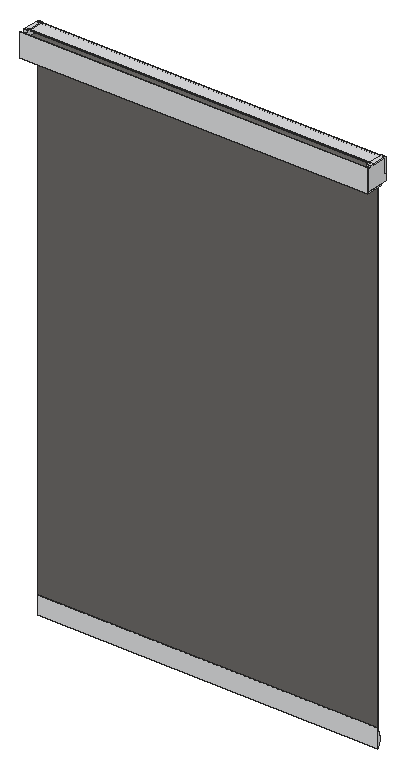
Revit family "Shades-Hunter_Douglas-RB500-Single_Standard_Duty-Auto-Bracket_Fascia-3in", category Specialty Equipment, Revit 2026
Family settings
  Round Connector Dimension = Use Diameter
  Part Type = Normal
  Classification Number = 23.30.60.14
  Work Plane-Based = No
  Enable Cutting in Views = No
  Always vertical = Yes
  Cut with Voids When Loaded = No
  Maintain Annotation Orientation = No
  Shared = No
  Room Calculation Point = No
Parameters (values of type "Automated")
  URL = "https://www.hunterdouglasarchitectural.com/"
  Type Comments = "Roller Shade"  # constant formula
  Model = "Standard Duty Automated 3IN Bracket Fascia"  # constant formula
  Manufacturer = "Hunter Douglas Architectural"  # constant formula
  Description = "Standard Duty Automated Roller Shade"  # constant formula
  Default Elevation = 0' - 0"
  CD_Width [instance] = 4' - 0"
  CD_Warranty = "https://assets.hunterdouglasarchitectural.com/documents/RB500/Lifetime_Guarantee_HDA.pdf?_rand=1465740819000"
  CD_Product Page URL = "https://www.hunterdouglasarchitectural.com/windowcoverings/rollershades/RB500/index.jsp"
  CD_Product Name = "RB 500 Roller Shade System"  # constant formula
  CD_Product Documentation Link = "https://www.hunterdouglasarchitectural.com/windowcoverings/rollershades/RB500/index.jsp#cadDrawing"
  CD_Opening Percentage [instance] = 25
  CD_Microsite = "https://microsite.caddetails.com/1669"
  CD_Install Documentation = "https://www.hunterdouglasarchitectural.com/windowcoverings/rollershades/RB500/index.jsp#installationPage"
  CD_Height Opening [instance] = ((CD_Height - CD_Bracket Height - 0' 1 101/256") * CD_Opening Percentage) / 100  # 1' - 10.82324"
  CD_Height [instance] = 8' - 0"
  CD_Finish Rail = Metal-Hunter_Douglas-Aluminum
  CD_Finish Frame = Metal-Hunter_Douglas-Aluminum
  CD_Finish = Fabric-Shade-Hunter_Douglas-5%-E_Screen-Charcoal_Cocoa
  CD_Fabric Sizing Disclaimer = "Designer to verify maximum fabric size with Manufacturer as the maximum fabric size is dependent on finished dimensions"  # constant formula
  CD_Bracket Height = 0' - 3 5/16"  # constant formula
  CD_Bracket Depth = 0' - 3 9/64"  # constant formula
  Assembly Code = "E2010300"
Reference planes (in)
  plane 1 "Center (Front/Back)": y = -0.11638
  plane 2 "Bottom": z = 0
  plane 3 "Center (Left/Right)": x = 0
  plane 4 "Top": z = 96
  plane 5 "Left": x = -24
  plane 6 "Right": x = 24
  plane 7 "Back": y = 1.57031
  plane 8 "Front": y = -1.57031
  plane 9 "Opening": z = 22.82324
  plane 10 "Head Height": z = 92.6875
  plane 11 "Shade Left": x = -23.44922
  plane 12 "Shade Right": x = 23.44922
  plane 13 "Blind Location": y = 0.87669
  plane 14 "Center (Elevation)": z = 94.26439
Forms (in)
  Extrusion 1, solid, material "Fabric-Shade-Hunter_Douglas-5%-E_Screen-Charcoal_Cocoa" <- "CD_Finish"
    sketch origin (0, -0.16063, 0) x (0, 1, 0) y (0, 0, 1)
      loop
        line (1.05481, 22.82324) -> (1.05481, 93.46875) -> (1.01983, 93.46875) -> (1.01983, 22.82324) -> (1.05481, 22.82324)
    from -23.44922 to 23.44922
  Extrusion 2, solid, material "Metal-Hunter_Douglas-Aluminum" <- "CD_Finish Frame", detail levels medium+fine
    sketch origin (0, 0, 0) x (0, 1, 0) y (0, 0, 1)
      loop
        arc (0.76815, 92.68635) -> (0.81413, 92.70906) -> (0.82405, 92.75937) r 0.05791
        line (0.82405, 92.75937) -> (-1.4994, 92.75937) -> (-1.4994, 95.87162) -> (-1.57031, 95.87162) -> (-1.57031, 92.68635) -> (0.76815, 92.68635)
    from -24 to 24
  Extrusion 3, solid, material "Metal-Hunter_Douglas-Aluminum" <- "CD_Finish Rail", detail levels fine
    sketch origin (0, 0, 0) x (0, 1, 0) y (0, 0, 1)
      loop
        line (1.17747, 24.10476) -> (0.90969, 25.12333) -> (0.90969, 25.4029) -> (0.84719, 25.4029) -> (0.84719, 22.82324) -> (0.97085, 22.82324) -> (1.17642, 23.59226)
        arc (1.17642, 23.59226) -> (1.21033, 23.84844) -> (1.17747, 24.10476) r 1
    from -23.44922 to 23.44922
  Extrusion 4, solid, material "Fabric-Shade-Hunter_Douglas-5%-E_Screen-Charcoal_Cocoa" <- "CD_Finish"
    sketch origin (0, -0.16063, 0) x (0, 1, 0) y (0, 0, 1)
      loop
        arc (1.05481, 94.41593) -> (-0.97481, 94.3412) -> (1.01983, 93.95861) r 1.02203
        line (1.01983, 93.95861) -> (1.01983, 92.41406) -> (1.05481, 92.41406) -> (1.05481, 94.41593)
    from -23.44922 to 23.44922
  Extrusion 5, solid, material "Metal-Hunter_Douglas-Aluminum" <- "CD_Finish Frame", detail levels medium+fine
    sketch origin (0, 0, 0) x (0, 1, 0) y (0, 0, 1)
      loop
        line (1.49031, 95.77162) -> (1.49031, 93.95162) -> (1.57031, 93.95162) -> (1.57031, 95.80162)
        arc (1.57031, 95.80162) -> (1.52638, 95.90768) -> (1.42031, 95.95162) r 0.15
        line (1.42031, 95.95162) -> (-0.54607, 95.95162) -> (-0.54607, 95.87162) -> (1.39031, 95.87162)
        arc (1.39031, 95.87162) -> (1.46102, 95.84233) -> (1.49031, 95.77162) r 0.1
    from -24 to 24
  Extrusion 6, solid, material "Metal-Hunter_Douglas-Aluminum" <- "CD_Finish Frame", detail levels medium+fine
    sketch origin (0, 0, 0) x (0, 1, 0) y (0, 0, 1)
      loop
        line (1.57031, 92.95162) -> (1.57031, 95.95162) -> (-0.92969, 95.95162) -> (-0.92969, 95.64988) -> (-1.42969, 95.56173) -> (-1.42969, 92.95162) -> (1.57031, 92.95162)
    from 23.44922 to 24
  Extrusion 7, solid, material "Metal-Hunter_Douglas-Aluminum" <- "CD_Finish Frame", detail levels coarse
    sketch origin (0, 0, 0) x (0, 1, 0) y (0, 0, 1)
      loop
        line (1.57031, 95.95162) -> (-1.57031, 95.95162) -> (-1.57031, 92.68635) -> (1.57031, 92.68635) -> (1.57031, 95.95162)
    from -24 to 24
  Extrusion 8, solid, material "Metal-Hunter_Douglas-Aluminum" <- "CD_Finish Frame", detail levels medium+fine
    sketch origin (-25.5, 0, 0) x (0, 1, 0) y (0, 0, 1)
      loop
        line (1.57031, 92.95162) -> (1.57031, 95.95162) -> (-0.92969, 95.95162) -> (-0.92969, 95.64988) -> (-1.42969, 95.56173) -> (-1.42969, 92.95162) -> (1.57031, 92.95162)
    from 1.5 to 2.05078
Cuts and joins
  joined: Extrusion 1, Extrusion 4
Dimensions and locks (in)
  "CD_Height": plane 4 "Top" to plane 2 "Bottom"
  equal spacing: plane 5 "Left", plane 3 "Center (Left/Right)", plane 6 "Right"
  "CD_Width": plane 5 "Left" to plane 6 "Right"
  locked: plane 8 "Front" to plane 1 "Center (Front/Back)" at 1.45393
  "CD_Bracket Depth": plane 8 "Front" to plane 7 "Back"
  locked: Extrusion 1 sketch curve to plane 10 "Head Height" at 0.78125
  Extrusion 1 sketch curve to plane 13 "Blind Location" to Extrusion 1 sketch curve = 0' - 0.01749" locked, 0' - 0.01749" locked
  locked: plane 5 "Left" to plane 11 "Shade Left" at 0.55078
  locked: plane 12 "Shade Right" to plane 6 "Right" at 0.55078
  "CD_Height Opening": plane 9 "Opening" to level
  "CD_Bracket Height": plane 4 "Top" to plane 10 "Head Height"
  Extrusion 3 sketch curve to Extrusion 3 sketch curve to Extrusion 3 sketch curve to Extrusion 3 sketch curve to plane 9 "Opening" to Extrusion 3 sketch curve = 0' - 0.27957" locked, 0' - 1.01857" locked, 0' - 0.51251" locked, 0' - 0.76901" locked, 0' - 0" locked
  Extrusion 3 sketch curve to Extrusion 3 sketch curve to Extrusion 3 sketch curve to Extrusion 3 sketch curve to Extrusion 3 sketch curve to plane 13 "Blind Location" to Extrusion 3 sketch curve = 0' - 0.03287" locked, 0' - 0.00105" locked, 0' - 0.20556" locked, 0' - 0.06117" locked, 0' - 0.03299" locked, 0' - 0.02951" locked
  Extrusion 4 sketch curve to Extrusion 4 sketch curve to Extrusion 4 sketch curve to plane 4 "Top" = 0' - 2.00187" locked, 0' - 0.86934" locked, 0' - 0.71473" locked
  plane 7 "Back" to Extrusion 4 sketch curve to Extrusion 4 sketch curve to Extrusion 4 sketch curve to Extrusion 4 sketch curve = 0' - 0.67613" locked, 0' - 0" locked, 0' - 0.03498" locked, 0' - 1.99761" locked
  Extrusion 6 sketch curve to plane 7 "Back" to Extrusion 6 sketch curve to Extrusion 6 sketch curve = 0' - 0" locked, 0' - 2 1/2" locked, 0' - 0 1/2" locked
  plane 4 "Top" to Extrusion 6 sketch curve to Extrusion 6 sketch curve to Extrusion 6 sketch curve to Extrusion 6 sketch curve = 0' - 0.04838" locked, 0' - 0.30173" locked, 0' - 0.08816" locked, 0' - 2.61011" locked
  Extrusion 2 sketch curve to Extrusion 2 sketch curve to plane 10 "Head Height" to Extrusion 2 sketch curve = 0' - 3.11225" locked, 0' - 0.07187" locked, 0' - 0.00115" locked
  Extrusion 2 sketch curve to Extrusion 2 sketch curve to plane 8 "Front" to Extrusion 2 sketch curve = 0' - 2.32546" locked, 0' - 0.07091" locked, 0' - 0" locked
  Extrusion 8 sketch curve to plane 7 "Back" to Extrusion 8 sketch curve to Extrusion 8 sketch curve = 0' - 0" locked, 0' - 2 1/2" locked, 0' - 0 1/2" locked
  plane 4 "Top" to Extrusion 8 sketch curve to Extrusion 8 sketch curve to Extrusion 8 sketch curve to Extrusion 8 sketch curve = 0' - 0.04838" locked, 0' - 0.30173" locked, 0' - 0.08816" locked, 0' - 2.61011" locked
  locked: plane 14 "Center (Elevation)" to plane 10 "Head Height" at 1.57689
  aligned and locked: plane 2 "Bottom" to level
  aligned and locked: Extrusion 1 to plane 11 "Shade Left"
  aligned and locked: plane 12 "Shade Right" to Extrusion 1
  aligned and locked: Extrusion 1 to plane 9 "Opening"
  aligned and locked: Extrusion 2 to plane 5 "Left"
  aligned and locked: plane 6 "Right" to Extrusion 2
  aligned and locked: Extrusion 1 to Extrusion 3
  aligned and locked: Extrusion 3 to Extrusion 1
  aligned and locked: Extrusion 4 to plane 11 "Shade Left"
  aligned and locked: plane 12 "Shade Right" to Extrusion 4
  aligned and locked: Extrusion 7 sketch curve to Extrusion 6  (x2)
  aligned and locked: Extrusion 7 sketch curve to Extrusion 2  (x2)
  aligned and locked: Extrusion 7 to plane 5 "Left"
  aligned and locked: plane 6 "Right" to Extrusion 7
  aligned and locked: plane 6 "Right" to Extrusion 6
  aligned and locked: Extrusion 6 to plane 12 "Shade Right"
  aligned and locked: Extrusion 5 to plane 5 "Left"
  aligned and locked: plane 6 "Right" to Extrusion 5
  aligned and locked: Extrusion 8 to plane 5 "Left"
  aligned and locked: plane 11 "Shade Left" to Extrusion 8
Automatic sketch dimensions
  plane 9 "Opening" to Extrusion 1 sketch curve = 0' - 0"
  Extrusion 2 sketch curve to Extrusion 2 sketch curve = 0' - 0.0559"
  Extrusion 5 sketch curve to plane 7 "Back" = 0' - 0"
  plane 7 "Back" to Extrusion 5 sketch curve = 0' - 0.08"
  Extrusion 5 sketch curve to plane 4 "Top" = 0' - 0.04838"
  plane 7 "Back" to Extrusion 5 sketch curve = 0' - 0.15"
  Extrusion 5 sketch curve to Extrusion 5 sketch curve = 0' - 0.03"
  Extrusion 5 sketch curve to plane 4 "Top" = 0' - 0.12838"
  plane 1 "Center (Front/Back)" to Extrusion 5 sketch curve = 0' - 0 55/128"
  plane 10 "Head Height" to Extrusion 5 sketch curve = 0' - 1.26412"
